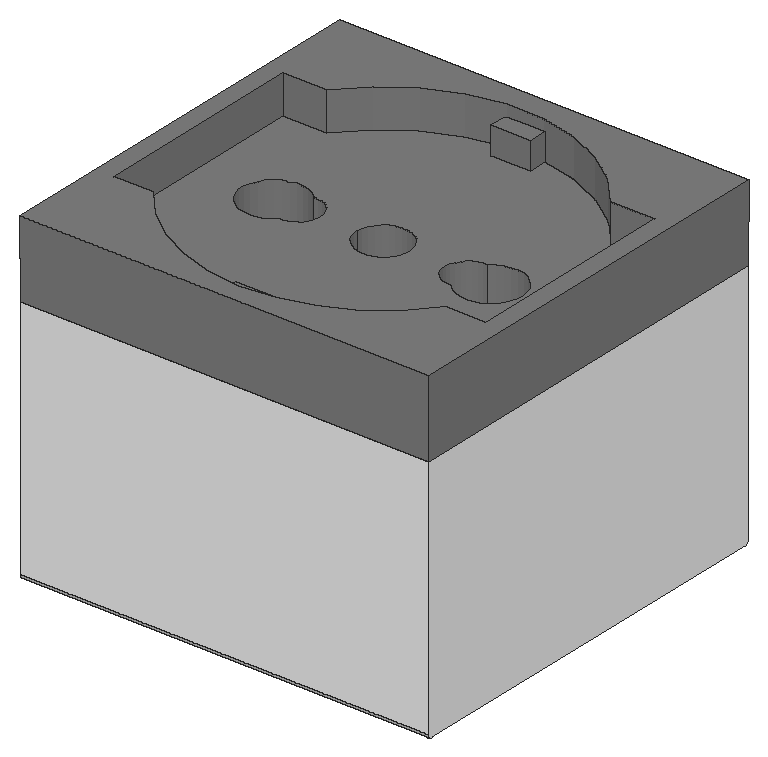
Revit family "Domotics-DomesticRanges-GEWISS-SYSTEM_POWER-SOCKET-OUTLET_ITADEU_P17P30_16A", category Apparecchi elettrici, host Superficie, Revit 2016
Family settings
  Host = Superficie
  Mantenere orientamento annotazione = Sì
  Tipo di parte = Normale
  Quota connettore circolare = Usa diametro
  Numero OmniClass = 23.80.50.14
  Titolo OmniClass = Plug Connectors
  Taglio con vuoti quando caricato = No
  Condiviso = Sì
  Punto di calcolo locali = Sì
Parameters (values of type "GW21246 - 16A 2P+E d.a. Ital./ger s.-out. black")
  Voltage: = "250 V ac"
  Voltage = "250 V ac"
  Vista di pianta [instance] = yes
  Version file RFA = "19.4"
  URL = "https://www.gewiss.com/ww/en"
  Typology = "P30 - P17"
  Type: = ""
  Type = "P40"
  Tipo_ = SYSTEM PRESE ITAGER P17-30 16A_BASE : GW20246 - PRESA 2P+T 16A BIV.ST.ITALIANO/TED.SY/WT
  Technical sheet = "https://www.gewiss.com/ww/en/search?q=GW21246"
  Standard: = "Italian / German"
  Standard = "Italian / German"
  Simbolo = SIMBOLO PRESE : PRESA
  SIMBOLO [instance] = yes
  SEO = "Socket outlet"
  Realized by GEWISS S.p.A. = ""
  Pulsasnte = GEWISS NERO
  Produttore = "GEWISS S.p.A."
  Offset presa [instance] = 0 mm
  Offset bidimensionale [instance] = 2 mm
  No. SYSTEM modules = "2"
  Modello = "GW21246"
  Larghezza presa = 46 mm
  IFC.TypeObject = ""
  IFC.ExportType = ""
  IFC.ExportAs = ""
  IDT = "73571261-b7db-4f3e-b3f6-90da01f7c4b0"
  IDF = "f3cd7a5d-e64c-49b7-bd89-3a58705ebebc"
  GW - Testo Elettrico [instance] = "UNIV"
  For plug pins = "Ø 4 / 4.8 / 5 mm"
  Electrocod = "0131"
  Earth pit = "Side and central"
  EAN code = "8011564128422"
  Distanza_x [instance] = 0 mm
  Distanza_effettiva_x [instance] = 1500 mm - Distanza_x  # 1500 mm
  Default Elevation = 1219.2 mm
  Immagine tipo = <Nessuno>
  Descrizione = "16A 2P+E D.A. ITAL./GER S.-OUT. SY/BLACK"
  Description: = "2P+E - 16 A Dual amperage"
  Description. = "Dual amperage socket-outlet"
  Colour = "Black"
  Characteristics = "2P+E - 16 A Dual amperage"
  Catalogue Range = "SYSTEM - DOMESTIC RANGE"
  Catalogue = "DOMOTICS"
  COBie.Tagnumber = ""
  COBie.CreatedOn = ""
  COBie.CreatebBy = ""
  COBie.ComponentRegisterItemID = ""
  COBie.Component.TagNumber = ""
  COBie.Component.Space = ""
  COBie.Component.SerialNumber = ""
  COBie.Component.InstallationDate = ""
  COBie.Component.Description = ""
  COBie.Component.BarCode = ""
Types (5, lengths in mm): name | Type: | Tipo_ | Technical sheet | Pulsasnte | Modello | IDT | EAN code | Immagine tipo | Descrizione | Colour
  GW20246 - 16A 2P+E d.a. Ital./ger s.-out. white | "" | SYSTEM PRESE ITAGER P17-30 16A_BASE : GW20246 - PRESA 2P+T 16A BIV.ST.ITALIANO/TED.SY/WT | "https://www.gewiss.com/ww/en/search?q=GW20246" | GEWISS BIANCO | "GW20246" | "36332e51-cd28-4491-894b-c0e6ca790caf" | "8011564025974" | GW20246.jpg | "16A 2P+E D.A. ITAL./GER S.-OUT. SY/WT" | "White"
  GW20296 - 2P+E 16A d.amp ita/ger st.red sock. | "For allocated lines" | SYSTEM PRESE ITAGER P17-30 16A_BASE : GW20296 - PRESA 2P+T 16A BIV.ST.ITALIANO/TED.RED | "https://www.gewiss.com/ww/en/search?q=GW20296" | GEWISS - Presa Rossa | "GW20296" | "3ee10ba2-d297-4bfd-8828-8ed8a9e017af" | "8011564044876" | GW20296.jpg | "2P+E 16A D.AMP ITA/GER ST.RED SOCK." | "Red"
  GW20282 - 2P+E 16A d.amp ita/ger st.green sock. | "For allocated lines" | SYSTEM PRESE ITAGER P17-30 16A_BASE : GW20282 - PRESA 2P+T 16A BIV.ST.ITALIANO/TED.GREEN | "https://www.gewiss.com/ww/en/search?q=GW20282" | GEWISS - Presa Verde | "GW20282" | "28d151be-dc08-47b7-bb35-78b269dd7f0e" | "8011564079434" | GW20282.jpg | "2P+E 16A D.AMP ITA/GER ST.GREEN SOCK." | "Green"
  GW20287 - 2P+E 16A d.amp ita/ger st.orange sock. | "For allocated lines" | SYSTEM PRESE ITAGER P17-30 16A_BASE : GW20287 - PRESA 2P+T 16A BIV.ST.ITALIANO/TED.ORANGE | "https://www.gewiss.com/ww/en/search?q=GW20287" | GEWISS - Presa Arancione | "GW20287" | "5f886762-7b65-4cc1-8d1d-5b3968f88f6a" | "8011564079465" | GW20287.jpg | "2P+E 16A D.AMP ITA/GER ST.ORANGE SOCK." | "Orange"
  GW21246 - 16A 2P+E d.a. Ital./ger s.-out. black | "" | SYSTEM PRESE ITAGER P17-30 16A_BASE : GW20246 - PRESA 2P+T 16A BIV.ST.ITALIANO/TED.SY/WT | "https://www.gewiss.com/ww/en/search?q=GW21246" | GEWISS NERO | "GW21246" | "73571261-b7db-4f3e-b3f6-90da01f7c4b0" | "8011564128422" | <Nessuno> | "16A 2P+E D.A. ITAL./GER S.-OUT. SY/BLACK" | "Black"
Reference planes
  plane 1 "Centro (Fronte/Retro)": y = 0
  plane 2: z = 0
  plane 3 "Centro (Sinistra/Destra)": x = 0
  plane 4 "1": z = 0
  plane 5 "bidimensionale": z = 41
  plane 6: x = 0
  plane 7: x = -23
  plane 8: x = 23
  plane 9: z = 39
  plane 10: y = 22.5
  plane 11: y = -22.5
  plane 12: x = -1500
Lines and regions (mm)
  Masking region 1, visible <- "Vista di pianta"
    outline origin (0, 0, 0) x (1, 0, 0) y (0, 0, 1)
      loop
        line (-23, 39) -> (-23, 0) -> (23, 0) -> (23, 39) -> (-23, 39)
  Masking region 2
    outline origin (0, 0, 41) x (0, -1, 0) y (1, 0, 0)
      loop
        line (-22.5, -23) -> (22.5, -23) -> (22.5, 23) -> (-22.5, 23) -> (-22.5, -23)
      loop
        line (-11.913, -16.013) -> (-11.913, -20.961) -> (11.913, -20.961) -> (11.913, -16.493)
        arc (11.913, -16.493) -> (20.345, 0) -> (11.913, 16.493) r 20.345
        line (11.913, 16.493) -> (11.913, 20.961) -> (-11.913, 20.961) -> (-11.913, 16.013)
        arc (-11.913, 16.013) -> (-19.959, 0) -> (-11.913, -16.013) r 19.959
  Masking region 3
    outline origin (0, 0, 41) x (0, -1, 0) y (1, 0, 0)
      loop
        line (-11.913, -20.961) -> (11.913, -20.961) -> (11.913, -16.493)
        arc (11.913, -16.493) -> (17.584, -10.234) -> (20.225, -2.211) r 20.345
        line (20.225, -2.211) -> (18.215, -2.211) -> (18.215, 2.211) -> (20.225, 2.211)
        arc (20.225, 2.211) -> (17.584, 10.234) -> (11.913, 16.493) r 20.345
        line (11.913, 16.493) -> (11.913, 20.961) -> (-11.913, 20.961) -> (-11.913, 16.013)
        arc (-11.913, 16.013) -> (-17.31, 9.936) -> (-19.836, 2.211) r 19.959
        line (-19.836, 2.211) -> (-17.826, 2.211) -> (-17.826, -2.211) -> (-19.836, -2.211)
        arc (-19.836, -2.211) -> (-17.31, -9.936) -> (-11.913, -16.013) r 19.959
        line (-11.913, -16.013) -> (-11.913, -20.961)
      loop
        arc (-2.27, -9.805) -> (0.395, -15.774) -> (2.712, -9.662) r 3.536
        arc (2.712, -9.662) -> (0.143, -7.04) -> (-2.27, -9.805) r 2.5
      loop
        circle (0.137, 0.006) r 2.942
      loop
        arc (-2.27, 9.805) -> (0.143, 7.04) -> (2.712, 9.662) r 2.5
        arc (2.712, 9.662) -> (0.395, 15.774) -> (-2.27, 9.805) r 3.536
  model lines, style "PRESA", detail levels coarse
    curve 1: line (-23, -22.5, 41) -> (23, -22.5, 41)
    curve 2: line (-23, 22.5, 41) -> (-23, -22.5, 41)
    curve 3: line (23, 22.5, 41) -> (-23, 22.5, 41)
    curve 4: line (23, -22.5, 41) -> (23, 22.5, 41)
    curve 5: arc (-16.013, 11.913, 41) -> (0, 19.959, 41) -> (16.013, 11.913, 41) r 19.959
    curve 6: line (-20.961, 11.913, 41) -> (-16.013, 11.913, 41)
    curve 7: line (-20.961, -11.913, 41) -> (-20.961, 11.913, 41)
    curve 8: line (-16.493, -11.913, 41) -> (-20.961, -11.913, 41)
    curve 9: arc (16.493, -11.913, 41) -> (0, -20.345, 41) -> (-16.493, -11.913, 41) r 20.345
    curve 10: line (20.961, -11.913, 41) -> (16.493, -11.913, 41)
    curve 11: line (20.961, 11.913, 41) -> (20.961, -11.913, 41)
    curve 12: line (16.013, 11.913, 41) -> (20.961, 11.913, 41)
    curve 13: line (-2.211, 17.826, 41) -> (2.211, 17.826, 41)
    curve 14: line (2.211, 17.826, 41) -> (2.211, 19.836, 41)
    curve 15: line (-2.211, 19.836, 41) -> (-2.211, 17.826, 41)
    curve 16: line (-2.211, -18.215, 41) -> (-2.211, -20.225, 41)
    curve 17: line (2.211, -18.215, 41) -> (-2.211, -18.215, 41)
    curve 18: line (2.211, -20.225, 41) -> (2.211, -18.215, 41)
    curve 19: arc (-9.805, 2.27, 41) -> (-15.774, -0.395, 41) -> (-9.662, -2.712, 41) r 3.536
    curve 20: arc (-9.662, -2.712, 41) -> (-7.04, -0.143, 41) -> (-9.805, 2.27, 41) r 2.5
    curve 21: arc (-2.935, -0.137, 41) -> (0.006, -3.079, 41) -> (2.948, -0.137, 41) r 2.942
    curve 22: arc (2.948, -0.137, 41) -> (0.006, 2.805, 41) -> (-2.935, -0.137, 41) r 2.942
    curve 23: arc (9.805, 2.27, 41) -> (7.04, -0.143, 41) -> (9.662, -2.712, 41) r 2.5
    curve 24: arc (9.662, -2.712, 41) -> (15.774, -0.395, 41) -> (9.805, 2.27, 41) r 3.536
Dimensions and locks
  "Offset presa": plane 4 "1" to host face
  equal spacing: plane 7, plane 3 "Centro (Sinistra/Destra)", plane 8
  "Larghezza presa": plane 7 to plane 8
  locked: plane 9 to plane 4 "1" at 39
  locked: plane 10 to plane 11 at 45
  "Offset bidimensionale": plane 5 "bidimensionale" to plane 9
  "Distanza_effettiva_x": plane 12 to plane 6
  locked: plane 12 to plane 3 "Centro (Sinistra/Destra)" at 1500
  aligned and locked: plane 2 to host face
  aligned and locked: level to host face
  aligned and locked: plane 3 "Centro (Sinistra/Destra)" to nested 1
  aligned and locked: plane 1 "Centro (Fronte/Retro)" to nested 1
  aligned and locked: nested 1 to plane 4 "1"
  aligned and locked: Masking region 1 sketch curve to plane 9
  aligned and locked: plane 7 to Masking region 1 sketch curve
  aligned and locked: plane 4 "1" to Masking region 1 sketch curve
  aligned and locked: plane 6 to nested 2
  aligned and locked: plane 8 to Masking region 1
Automatic sketch dimensions
  host sketch curve to host sketch curve = 2438.4 mm  (x2)
  plane 1 "Centro (Fronte/Retro)" to curve 5 = 0 mm
  curve 5 to plane 3 "Centro (Sinistra/Destra)" = 0 mm
  curve 6 to plane 1 "Centro (Fronte/Retro)" = 11.913 mm
  curve 2 to curve 6 = 6.987 mm
  curve 5 to plane 1 "Centro (Fronte/Retro)" = 11.913 mm
  curve 6 to curve 5 = 4.947 mm
  curve 7 to curve 1 = 10.587 mm
  curve 7 to curve 8 = 4.468 mm
  curve 5 to curve 9 = 0 mm  (x2)
  plane 1 "Centro (Fronte/Retro)" to curve 9 = 11.913 mm
  curve 10 to curve 10 = 4.468 mm
  plane 3 "Centro (Sinistra/Destra)" to curve 13 = 2.211 mm
  curve 14 to curve 13 = 2.01 mm
  curve 13 to plane 3 "Centro (Sinistra/Destra)" = 2.211 mm
  curve 16 to plane 3 "Centro (Sinistra/Destra)" = 2.211 mm
  curve 16 to curve 16 = 2.01 mm
  plane 3 "Centro (Sinistra/Destra)" to curve 17 = 2.211 mm
  plane 1 "Centro (Fronte/Retro)" to curve 20 = 0.215 mm
  plane 1 "Centro (Fronte/Retro)" to curve 19 = 0.293 mm
  curve 19 to plane 3 "Centro (Sinistra/Destra)" = 12.24 mm
  curve 19 to curve 20 = 2.701 mm
  curve 19 to plane 1 "Centro (Fronte/Retro)" = 2.27 mm
  curve 20 to curve 19 = 2.497 mm
  plane 3 "Centro (Sinistra/Destra)" to curve 22 = 0.006 mm
  plane 1 "Centro (Fronte/Retro)" to curve 22 = 0.137 mm
  curve 22 to plane 3 "Centro (Sinistra/Destra)" = 2.935 mm
  plane 1 "Centro (Fronte/Retro)" to curve 23 = 0.215 mm
  plane 1 "Centro (Fronte/Retro)" to curve 24 = 0.293 mm
  curve 21 to curve 23 = 6.591 mm
  curve 23 to curve 24 = 2.701 mm
  curve 23 to plane 1 "Centro (Fronte/Retro)" = 2.27 mm
  curve 23 to curve 23 = 2.497 mm
  curve 4 to curve 11 = 10.587 mm
  curve 13 to curve 5 = 5.913 mm
  plane 1 "Centro (Fronte/Retro)" to curve 7 = 11.913 mm
  curve 10 to curve 4 = 2.039 mm
  plane 3 "Centro (Sinistra/Destra)" to Masking region 1 sketch curve = 23 mm
  Masking region 2 sketch curve to Masking region 2 sketch curve = 0 mm  (x2)
  Masking region 2 sketch curve to plane 8 = 0 mm
  Masking region 2 sketch curve to plane 10 = 0 mm
  plane 1 "Centro (Fronte/Retro)" to Masking region 2 sketch curve = 0 mm
  Masking region 2 sketch curve to plane 11 = 0 mm
  Masking region 2 sketch curve to plane 7 = 0 mm
  Masking region 2 sketch curve to plane 3 "Centro (Sinistra/Destra)" = 0 mm
  plane 7 to Masking region 2 sketch curve = 2.039 mm
  Masking region 2 sketch curve to plane 10 = 10.587 mm  (x2)
  Masking region 2 sketch curve to plane 8 = 2.039 mm
  plane 11 to Masking region 2 sketch curve = 10.587 mm  (x2)
  Masking region 2 sketch curve to Masking region 2 sketch curve = 4.468 mm
  Masking region 2 sketch curve to Masking region 2 sketch curve = 4.947 mm
  Masking region 3 sketch curve to Masking region 3 sketch curve = 0 mm  (x14)
  plane 1 "Centro (Fronte/Retro)" to Masking region 3 sketch curve = 0 mm
  Masking region 3 sketch curve to plane 3 "Centro (Sinistra/Destra)" = 0 mm
  Masking region 3 sketch curve to plane 8 = 2.039 mm
  Masking region 3 sketch curve to plane 10 = 10.587 mm  (x2)
  plane 7 to Masking region 3 sketch curve = 2.039 mm
  plane 3 "Centro (Sinistra/Destra)" to Masking region 3 sketch curve = 2.211 mm  (x2)
  Masking region 3 sketch curve to plane 10 = 4.674 mm
  Masking region 3 sketch curve to Masking region 3 sketch curve = 2.01 mm  (x4)
  plane 3 "Centro (Sinistra/Destra)" to Masking region 3 sketch curve = 0.006 mm
  plane 1 "Centro (Fronte/Retro)" to Masking region 3 sketch curve = 0.137 mm
  plane 1 "Centro (Fronte/Retro)" to Masking region 3 sketch curve = 0.215 mm  (x2)
  plane 1 "Centro (Fronte/Retro)" to Masking region 3 sketch curve = 0.293 mm  (x2)
  plane 11 to Masking region 3 sketch curve = 10.587 mm  (x2)
  plane 11 to Masking region 3 sketch curve = 4.285 mm
  Masking region 3 sketch curve to Masking region 3 sketch curve = 4.468 mm
  Masking region 3 sketch curve to Masking region 3 sketch curve = 4.947 mm
  plane 7 to Masking region 3 sketch curve = 10.76 mm
  Masking region 3 sketch curve to Masking region 3 sketch curve = 2.701 mm  (x2)
  Masking region 3 sketch curve to Masking region 3 sketch curve = 9.533 mm
  Masking region 3 sketch curve to plane 1 "Centro (Fronte/Retro)" = 2.27 mm  (x2)
  Masking region 3 sketch curve to Masking region 3 sketch curve = 2.497 mm  (x2)
  Masking region 3 sketch curve to plane 3 "Centro (Sinistra/Destra)" = 2.935 mm
Nested families
  nested 1: "SYSTEM PRESE ITAGER P17-30 16A_BASE" at (0, 0, 0), Pulsante <- "Pulsasnte", type <- "Tipo_", type "GW20246 - PRESA 2P+T 16A BIV.ST.ITALIANO/TED.SY/WT"
    with Pulsante GEWISS NERO
  nested 2: "SIMBOLO PRESE" at (0, 72.455, 0), TESTO ELETTRICO <- "GW - Testo Elettrico", type <- "Simbolo", SIMBOLO <- "SIMBOLO", type "PRESA"
    with TESTO ELETTRICO "UNIV", SIMBOLO yes, Distanza dal muro 1 mm, BORDO ACCESO yes
Connectors
  electrical at (0, 0, 0)
    settings: on nested 1, index 1, voltage 0 V, apparent load 0 VA, apparent load phase1 0 VA, apparent load phase2 0 VA, apparent load phase3 0 VA, power factor 1, load classification "Other", number of poles 1, system type 31, power factor state 1, is connector primary yes, connector utility no, sub classification motor no, connector description ""
Definition of nested family "SYSTEM PRESE ITAGER P17-30 16A_BASE"
  Parameters (values of type "GW20246 - PRESA 2P+T 16A BIV.ST.ITALIANO/TED.SY/WT")
    Struttura = none
    Pulsante [instance] = none
    Profondità supporto = 28.04 mm
    Profondità presa = 36.7 mm
    Larghezza presa = 46 mm
    Distanza simbolo = 30 mm
    Bidimensionale = 44.7 mm
    Altezza simbolo = 30 mm
    Altezza presa = 45 mm
  Types (4): name
    GW20246 - PRESA 2P+T 16A BIV.ST.ITALIANO/TED.SY/WT
    GW20296 - PRESA 2P+T 16A BIV.ST.ITALIANO/TED.RED
    GW20282 - PRESA 2P+T 16A BIV.ST.ITALIANO/TED.GREEN
    GW20287 - PRESA 2P+T 16A BIV.ST.ITALIANO/TED.ORANGE
  Reference planes
    plane 1 "Centro (Fronte/Retro)": y = 0
    plane 2: z = 0
    plane 3 "Centro (Sinistra/Destra)": x = 0
    plane 4: x = -23
    plane 5: x = 23
    plane 6: y = 22.5
    plane 7: y = -22.5
    plane 8 "PIANO BIDIMENSIONALE": z = 44.7
    plane 9: z = 28.04
    plane 10: z = 36.7
    plane 11: z = 32.37
  Forms (mm)
    Extrusion 1, solid, material <- "Struttura", detail levels medium+fine
      sketch origin (0, 0, 0) x (0, 1, 0) y (0, 0, 1)
        loop
          line (22.5, 0.5) -> (22.5, 28.04) -> (-22.5, 28.04) -> (-22.5, 0.5)
          arc (-22.5, 0.5) -> (-22.354, 0.146) -> (-22, 0) r 0.5
          line (-22, 0) -> (22, 0)
          arc (22, 0) -> (22.354, 0.146) -> (22.5, 0.5) r 0.5
      from -23 to 23
    Extrusion 2, solid, material <- "Pulsante", detail levels medium+fine
      sketch origin (0, 0, 0) x (0, 1, 0) y (0, 0, 1)
        loop
          line (-22.5, 28.04) -> (22.5, 28.04) -> (22.5, 32.37) -> (-22.5, 32.37) -> (-22.5, 28.04)
      from -23 to 23
    Extrusion 3, void, detail levels medium+fine
      sketch origin (0, 0, 44.7) x (-1, 0, 0) y (0, -1, 0)
        loop
          arc (9.662, 2.712) -> (7.04, 0.143) -> (9.805, -2.27) r 2.5
          arc (9.805, -2.27) -> (15.774, 0.395) -> (9.662, 2.712) r 3.536
        loop
          circle (-0.006, 0.137) r 2.942
        loop
          arc (-9.805, -2.27) -> (-7.04, 0.143) -> (-9.662, 2.712) r 2.5
          arc (-9.662, 2.712) -> (-15.774, 0.395) -> (-9.805, -2.27) r 3.536
      from -16.66 to -12.33
    Extrusion 4, solid, material <- "Pulsante", detail levels medium+fine
      sketch origin (0, 0, 44.7) x (-1, 0, 0) y (0, -1, 0)
        loop
          line (23, -22.5) -> (23, 22.5) -> (-23, 22.5) -> (-23, -22.5) -> (23, -22.5)
        loop
          arc (16.493, 11.913) -> (0, 20.345) -> (-16.493, 11.913) r 20.345
          line (-16.493, 11.913) -> (-20.961, 11.913) -> (-20.961, -11.913) -> (-16.013, -11.913)
          arc (-16.013, -11.913) -> (0, -19.959) -> (16.013, -11.913) r 19.959
          line (16.013, -11.913) -> (20.961, -11.913) -> (20.961, 11.913) -> (16.493, 11.913)
      from -12.33 to -8
    Extrusion 5, solid, material <- "Pulsante", detail levels medium+fine
      sketch origin (0, 0, 44.7) x (-1, 0, 0) y (0, -1, 0)
        loop
          line (-2.211, -17.826) -> (-2.211, -19.836)
          arc (-2.211, -19.836) -> (0, -19.959) -> (2.211, -19.836) r 19.959
          line (2.211, -19.836) -> (2.211, -17.826) -> (-2.211, -17.826)
        loop
          arc (2.211, 20.225) -> (0, 20.345) -> (-2.211, 20.225) r 20.345
          line (-2.211, 20.225) -> (-2.211, 18.215) -> (2.211, 18.215) -> (2.211, 20.225)
      from -12.33 to -9.263
  Cuts and joins
    Extrusion 3 cuts Extrusion 2
    joined: Extrusion 2, Extrusion 4, Extrusion 5
  Lines and regions (mm)
    model lines, not visible, detail levels coarse
      curve 1: line (-23, 22.5, -20.04) -> (23, 22.5, -20.04)
      curve 2: line (-23, -22.5, -20.04) -> (-23, 22.5, -20.04)
      curve 3: line (23, -22.5, -20.04) -> (-23, -22.5, -20.04)
      curve 4: line (23, 22.5, -20.04) -> (23, -22.5, -20.04)
      curve 5: line (20.961, -11.913, -20.04) -> (20.961, 11.913, -20.04)
      curve 6: line (20.961, 11.913, -20.04) -> (16.013, 11.913, -20.04)
      curve 7: arc (16.013, 11.913, -20.04) -> (0, 19.959, -20.04) -> (-16.013, 11.913, -20.04) r 19.959
      curve 8: line (-20.961, 11.913, -20.04) -> (-16.013, 11.913, -20.04)
      curve 9: line (-20.961, -11.913, -20.04) -> (-20.961, 11.913, -20.04)
      curve 10: line (-16.493, -11.913, -20.04) -> (-20.961, -11.913, -20.04)
      curve 11: arc (-16.493, -11.913, -20.04) -> (0, -20.345, -20.04) -> (16.493, -11.913, -20.04) r 20.345
      curve 12: line (16.493, -11.913, -20.04) -> (20.961, -11.913, -20.04)
      curve 13: line (2.211, -20.225, -20.04) -> (2.211, -18.215, -20.04)
      curve 14: line (-2.211, -20.225, -20.04) -> (-2.211, -18.215, -20.04)
      curve 15: line (2.211, -18.215, -20.04) -> (-2.211, -18.215, -20.04)
      curve 16: line (-2.211, 19.836, -20.04) -> (-2.211, 17.826, -20.04)
      curve 17: line (2.211, 19.836, -20.04) -> (2.211, 17.826, -20.04)
      curve 18: line (2.211, 17.826, -20.04) -> (-2.211, 17.826, -20.04)
      curve 19: circle (0.006, -0.137, -20.04) r 2.942 normal (0, 0, 1)
      curve 20: arc (-9.662, -2.712, -20.04) -> (-7.04, -0.143, -20.04) -> (-9.805, 2.27, -20.04) r 2.5
      curve 21: arc (-9.805, 2.27, -20.04) -> (-15.774, -0.395, -20.04) -> (-9.662, -2.712, -20.04) r 3.536
      curve 22: arc (9.805, 2.27, -20.04) -> (7.04, -0.143, -20.04) -> (9.662, -2.712, -20.04) r 2.5
      curve 23: arc (9.662, -2.712, -20.04) -> (15.774, -0.395, -20.04) -> (9.805, 2.27, -20.04) r 3.536
  Dimensions and locks
    equal spacing: plane 4, plane 3 "Centro (Sinistra/Destra)", plane 5
    "Larghezza presa": plane 4 to plane 5
    equal spacing: plane 6, plane 1 "Centro (Fronte/Retro)", plane 7
    "Altezza presa": plane 6 to plane 7
    "Bidimensionale": plane 8 "PIANO BIDIMENSIONALE" to plane 2
    "Profondità presa": plane 10 to plane 2
    equal spacing: plane 10, plane 11, plane 9
    aligned and locked: level to plane 2
    aligned and locked: Extrusion 1 to Extrusion 2  (x2)
    aligned and locked: Extrusion 2 sketch curve to Extrusion 1
    aligned and locked: plane 9 to Extrusion 1
    aligned and locked: Extrusion 3 to Extrusion 1
    aligned and locked: Extrusion 2 to plane 4
    aligned and locked: plane 5 to Extrusion 2
    aligned and locked: Extrusion 4 sketch curve to Extrusion 1
    aligned and locked: plane 11 to Extrusion 3
    aligned and locked: Extrusion 2 to Extrusion 3
    aligned and locked: Extrusion 4 to Extrusion 2
    aligned and locked: plane 10 to Extrusion 4
    aligned and locked: Extrusion 5 to Extrusion 2
  Automatic sketch dimensions
    Extrusion 1 sketch curve to level = 0 mm
    level to Extrusion 1 sketch curve = 0.5 mm
    plane 7 to Extrusion 1 sketch curve = 0 mm
    Extrusion 1 sketch curve to Extrusion 1 sketch curve = 0.5 mm
    Extrusion 1 sketch curve to plane 8 "PIANO BIDIMENSIONALE" = 16.66 mm
    Extrusion 2 sketch curve to plane 6 = 0 mm
    Extrusion 1 sketch curve to plane 6 = 0 mm
    curve 7 to curve 11 = 0 mm  (x4)
    curve 3 to curve 5 = 2.039 mm
    curve 5 to curve 12 = 4.468 mm
    curve 5 to curve 6 = 4.947 mm
    curve 11 to curve 23 = 4.253 mm
    curve 7 to curve 18 = 13.803 mm
    curve 12 to curve 13 = 14.282 mm
    curve 22 to curve 19 = 9.533 mm
    curve 19 to curve 11 = 0.006 mm
    curve 13 to curve 14 = 4.421 mm
    curve 17 to curve 18 = 4.421 mm
    curve 7 to curve 20 = 9.539 mm
    curve 20 to curve 21 = 2.701 mm
    curve 21 to curve 8 = 3.774 mm
    curve 21 to curve 10 = 4.253 mm
    curve 7 to curve 9 = 4.947 mm
    curve 9 to curve 2 = 2.039 mm
    curve 1 to curve 18 = 4.674 mm
    curve 1 to curve 6 = 10.587 mm
    curve 16 to curve 7 = 17.826 mm
    curve 7 to curve 19 = 0.137 mm
    curve 19 to curve 22 = 0.079 mm
    curve 7 to curve 20 = 0.215 mm
    curve 22 to curve 23 = 0.078 mm
    curve 20 to curve 21 = 0.078 mm
    curve 21 to curve 9 = 11.62 mm
    curve 13 to curve 13 = 2.01 mm
    curve 9 to curve 3 = 10.587 mm
    curve 22 to curve 22 = 0.266 mm
    curve 23 to curve 22 = 0.122 mm
    curve 20 to curve 21 = 0.122 mm
    curve 20 to curve 21 = 0.266 mm
    curve 22 to curve 22 = 2.486 mm
    plane 1 "Centro (Fronte/Retro)" to Extrusion 3 sketch curve = 0.215 mm  (x2)
    Extrusion 3 sketch curve to plane 3 "Centro (Sinistra/Destra)" = 9.539 mm
    plane 1 "Centro (Fronte/Retro)" to Extrusion 3 sketch curve = 0.293 mm  (x2)
    Extrusion 3 sketch curve to Extrusion 3 sketch curve = 2.701 mm  (x2)
    Extrusion 3 sketch curve to Extrusion 3 sketch curve = 0.122 mm  (x2)
    Extrusion 3 sketch curve to plane 1 "Centro (Fronte/Retro)" = 2.27 mm  (x2)
    plane 3 "Centro (Sinistra/Destra)" to Extrusion 3 sketch curve = 0.006 mm
    Extrusion 3 sketch curve to Extrusion 3 sketch curve = 9.533 mm
    plane 1 "Centro (Fronte/Retro)" to Extrusion 3 sketch curve = 0.137 mm
    Extrusion 2 sketch curve to plane 7 = 0 mm
    Extrusion 2 sketch curve to plane 8 "PIANO BIDIMENSIONALE" = 12.33 mm
    plane 4 to Extrusion 4 sketch curve = 2.039 mm
    plane 7 to Extrusion 4 sketch curve = 10.587 mm  (x2)
    Extrusion 4 sketch curve to Extrusion 4 sketch curve = 4.468 mm  (x2)
    Extrusion 4 sketch curve to plane 6 = 10.587 mm
    Extrusion 4 sketch curve to Extrusion 4 sketch curve = 4.947 mm
    plane 1 "Centro (Fronte/Retro)" to Extrusion 4 sketch curve = 0 mm
    Extrusion 4 sketch curve to plane 3 "Centro (Sinistra/Destra)" = 0 mm
    Extrusion 4 sketch curve to plane 5 = 6.987 mm
    Extrusion 4 sketch curve to plane 5 = 2.039 mm
    Extrusion 4 sketch curve to Extrusion 4 sketch curve = 0 mm
    Extrusion 5 sketch curve to plane 3 "Centro (Sinistra/Destra)" = 2.211 mm  (x2)
    Extrusion 5 sketch curve to plane 6 = 4.674 mm
    Extrusion 5 sketch curve to Extrusion 5 sketch curve = 2.01 mm  (x4)
    plane 1 "Centro (Fronte/Retro)" to Extrusion 5 sketch curve = 0 mm
    Extrusion 5 sketch curve to plane 3 "Centro (Sinistra/Destra)" = 0 mm
    plane 7 to Extrusion 5 sketch curve = 4.285 mm
    Extrusion 5 sketch curve to Extrusion 5 sketch curve = 0 mm  (x2)
    Extrusion 4 sketch curve to plane 5 = 0 mm
    Extrusion 4 sketch curve to plane 6 = 0 mm
    Extrusion 4 sketch curve to plane 7 = 0 mm
    radius of curve 19 = 2.942 mm
    radius of Extrusion 3 sketch curve = 2.942 mm
Definition of nested family "SIMBOLO PRESE"
  Parameters (values of type "PRESA")
    TESTO ELETTRICO [instance] = "TXT"
    Simbolo = SIMBOLO PRESE_BASE : PRESA
    SIMBOLO [instance] = yes
    Distanza dal muro [instance] = 4.208 mm
    BORDO ACCESO [instance] = yes
  Reference planes
    plane 1: y = 0
    plane 2: x = 0
  Dimensions and locks
    "Distanza dal muro": plane 1 to nested 1
  Nested families
    nested 1: "SIMBOLO PRESE_BASE" at (0, 4.208, 0), type <- "Simbolo", TESTO ELETTRICO <- "TESTO ELETTRICO", BORDO ACCESO <- "BORDO ACCESO", visible <- "SIMBOLO", type "PRESA"
      with TESTO ELETTRICO "TXT", BORDO ACCESO yes
  Definition of nested family "SIMBOLO PRESE_BASE"
    Parameters (values of type "PRESA")
      TESTO ELETTRICO [instance] = "TXT"
      Distanza dal muro = 4.208 mm
      BORDO ACCESO [instance] = yes
    Reference planes
      plane 1: y = 0
      plane 2: x = 0
    Lines and regions (mm)
      detail lines, visible <- "BORDO ACCESO", not visible
        curve 1: line (-1.743, 9.208, 0) -> (2.057, 9.208, 0)
        curve 2: line (2.057, 9.208, 0) -> (2.057, 4.208, 0)
        curve 3: line (2.057, 4.208, 0) -> (-1.743, 4.208, 0)
        curve 4: line (-1.743, 4.208, 0) -> (-1.743, 9.208, 0)
        curve 5: line (-1.543, 9.008, 0) -> (1.857, 9.008, 0)
        curve 6: line (1.857, 9.008, 0) -> (1.857, 4.408, 0)
        curve 7: line (1.857, 4.408, 0) -> (-1.543, 4.408, 0)
        curve 8: line (-1.543, 4.408, 0) -> (-1.543, 9.008, 0)
      detail lines
        curve 9: line (0.783, 1.133, 0) -> (-0.783, 1.133, 0)
        curve 10: line (0, 1.133, 0) -> (0, 0.349, 0)
        curve 11: arc (-0.783, 1.916, 0) -> (0, 1.133, 0) -> (0.783, 1.916, 0) r 0.783
    Text (mm)
      label "TXT" at (0.016, 1.578, 0), shows "TESTO ELETTRICO"
